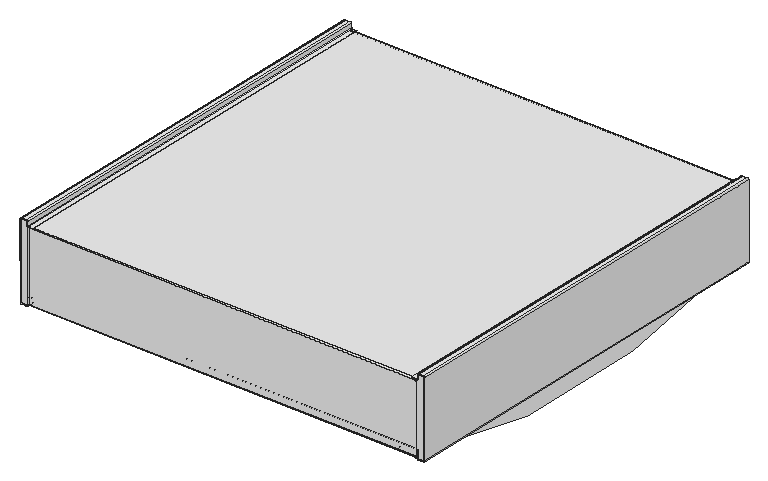
Revit family "MD1-OCRX2X2", category Lighting Fixtures, host Ceiling, Revit 2019
Family settings
  Host = Ceiling
  Round Connector Dimension = Use Diameter
  Part Type = Normal
  OmniClass Number = 23.80.70.11.14.17
  OmniClass Title = Direct/Indirect
  Always vertical = Yes
  Cut with Voids When Loaded = No
  Light Source = Yes
  Shared = No
  Room Calculation Point = No
Parameters (values of type "MD1-OCRX 2X2-LED840K040LUNV")
  Width = 1' - 11 191/256"
  Wattage = 28.9 W
  built-in parameter 1150110 = 1 (stored number, unit not read)
  Voltage = 120 V
  URL = "https://www.viscor.com/en/products/md1-ocrx"
  built-in parameter 1114217 = 0.9 (stored number, unit not read)
  Tilt Angle = 90.00°
  built-in parameter 1150109 = 1 (stored number, unit not read)
  built-in parameter 1150134 = 12
  built-in parameter 1150113 = 1 (stored number, unit not read)
  Photometric Web File = "MD1-OCRX 2X2-LED840K040LUNV.ies"
  Model = "MD1-OCRX"  # constant formula
  Manufacturer = "CERTOLUX by VISCOR"  # constant formula
  Lumens = 3988.2 lm
  built-in parameter 1150115 = 1 (stored number, unit not read)
  built-in parameter 1150105 = 317.37 (stored number, unit not read)
  built-in parameter 1150137 = (empty or 0)
  built-in parameter 1150139 = (empty or 0)
  Lens Finish = Acrylic - Viscor - Opal White Square
  Lens Depth = 0' - 1 15/32"
  Length = 1' - 11 177/256"
  Lamp Wattage = 28.9 VA
  built-in parameter 1150112 = 1 (stored number, unit not read)
  built-in parameter 1150114 = 1 (stored number, unit not read)
  Lamp = "LED"  # constant formula
  built-in parameter 1150132 = (empty or 0)
  built-in parameter 1150102 = (empty or 0)
  built-in parameter 1150138 = (empty or 0)
  built-in parameter 1150107 = 4000 (stored number, unit not read)
  built-in parameter 1150106 = 3.1737 (stored number, unit not read)
  Housing Finish = Metal - Viscor - White
  Emit from Rectangle Width = Width  # 1' - 11 191/256"
  Emit from Rectangle Length = Length  # 1' - 11 177/256"
  Emit from Rectangle Height = Lens Depth  # 0' - 1 15/32"
  Emit Shape Visible in Rendering = no
  built-in parameter 1150104 = 12.821 (stored number, unit not read)
  Dimming Lamp Color Temperature Shift = <None>
  Description = "Patient Room Recessed Ambient Luminaire"  # constant formula
  Color Filter = 16777215
  built-in parameter 1114218 = 1 (stored number, unit not read)
  built-in parameter 1150133 = 10 (stored number, unit not read)
  Assembly Code = "D5020200"
  Apparent Load = Lamp Wattage  # 28.9 VA
Types (6): name | Wattage | Photometric Web File | Lumens | built-in parameter 1150105 | Lamp Wattage | built-in parameter 1150106 | built-in parameter 1150104 | Apparent Load
  (no name) | 28.9 W | "MD1-OCRX 2X2-LED840K040LUNV.ies" | 3988.2 lm | 317.37 (stored number, unit not read) | 28.9 VA | 3.1737 (stored number, unit not read) | 12.821 (stored number, unit not read) | 28.9 VA
  MD1-OCRX 2X2-LED840K030LUNV | 22.2 W | "MD1-OCRX 2X2-LED840K030LUNV.ies" | 3085.8 lm | 245.56 (stored number, unit not read) | 22.2 VA | 2.4556 (stored number, unit not read) | 12.914 (stored number, unit not read) | 22.2 VA
  MD1-OCRX 2X2-LED840K040LUNV | 28.9 W | "MD1-OCRX 2X2-LED840K040LUNV.ies" | 3988.2 lm | 317.37 (stored number, unit not read) | 28.9 VA | 3.1737 (stored number, unit not read) | 12.821 (stored number, unit not read) | 28.9 VA
  MD1-OCRX 2X2-LED840K050LUNV | 37.2 W | "MD1-OCRX 2X2-LED840K050LUNV.ies" | 5096.4 lm | 405.56 (stored number, unit not read) | 37.2 VA | 4.0556 (stored number, unit not read) | 12.728 (stored number, unit not read) | 37.2 VA
  MD1-OCRX 2X2-LED840K060LUNV | 44.8 W | "MD1-OCRX 2X2-LED840K060LUNV.ies" | 6092.8 lm | 484.85 (stored number, unit not read) | 44.8 VA | 4.8485 (stored number, unit not read) | 12.635 (stored number, unit not read) | 44.8 VA
  MD1-OCRX 2X2-LED840K075LUNV | 55.3 W | "MD1-OCRX 2X2-LED840K075LUNV.ies" | 7576.1 lm | 602.89 (stored number, unit not read) | 55.3 VA | 6.0289 (stored number, unit not read) | 12.728 (stored number, unit not read) | 55.3 VA
Reference planes (in)
  plane 1 "Light Source Axis (F/B)": y = 0
  plane 2 "Ceiling": z = 96
  plane 3 "Light Source Axis (L/R)": x = 0
  plane 4 "Light Source Elevation": z = 94.53125
  plane 5: y = 11.87305
  plane 6: y = -11.87305
  plane 7: x = -11.8457
  plane 8: x = 11.8457
  plane 9: x = 11.7832
  plane 10 "Lens Depth": z = 94.53125
  plane 11: x = -11.8125
  plane 12: x = -11.422
  plane 13: x = 11.422
Forms (in)
  Extrusion 1, solid, material "Acrylic - Viscor - Opal White Square" <- "Lens Finish"
    sketch origin (0, 0, 0) x (0, 1, 0) y (0, 0, 1)
      loop
        arc (11.39507, 96.29179) -> (11.4274, 96.28728) -> (11.44497, 96.25977) r 0.039
        line (11.44497, 96.25977) -> (11.46162, 96.13869)
        arc (11.46162, 96.13869) -> (11.47462, 96.1146) -> (11.50025, 96.105) r 0.039
        line (11.50025, 96.105) -> (11.63139, 96.105)
        arc (11.63139, 96.105) -> (11.65738, 96.11492) -> (11.67015, 96.13964) r 0.039
        line (11.67015, 96.13964) -> (11.6961, 96.37036)
        arc (11.6961, 96.37036) -> (11.71514, 96.39965) -> (11.75, 96.40194) r 0.039
        line (11.75, 96.40194) -> (11.75, 96.45224) -> (-11.75, 96.45224) -> (-11.75, 96.40194)
        arc (-11.75, 96.40194) -> (-11.71514, 96.39965) -> (-11.6961, 96.37036) r 0.039
        line (-11.6961, 96.37036) -> (-11.67015, 96.13964)
        arc (-11.67015, 96.13964) -> (-11.65738, 96.11492) -> (-11.63139, 96.105) r 0.039
        line (-11.63139, 96.105) -> (-11.50025, 96.105)
        arc (-11.50025, 96.105) -> (-11.47462, 96.1146) -> (-11.46162, 96.13869) r 0.039
        line (-11.46162, 96.13869) -> (-11.44497, 96.25977)
        arc (-11.44497, 96.25977) -> (-11.4274, 96.28728) -> (-11.39507, 96.29179) r 0.039
        arc (-11.39507, 96.29179) -> (0, 94.61) -> (11.39507, 96.29179) r 39.44485
      loop
        arc (11.38378, 96.32919) -> (11.44849, 96.32015) -> (11.48367, 96.26509) r 0.07806
        line (11.48367, 96.26509) -> (11.50031, 96.14406) -> (11.63134, 96.14406) -> (11.66161, 96.41318) -> (-11.66161, 96.41318) -> (-11.63134, 96.14406) -> (-11.50031, 96.14406) -> (-11.48367, 96.26509)
        arc (-11.48367, 96.26509) -> (-11.44849, 96.32015) -> (-11.38378, 96.32919) r 0.07806
        arc (-11.38378, 96.32919) -> (0, 94.64906) -> (11.38378, 96.32919) r 39.40578
    from -11.422 to 11.422
  Extrusion 2, void
    sketch origin (0, 0, 96) x (1, 0, 0) y (0, 1, 0)
      loop
        line (-11.8125, 11.87305) -> (-11.8125, -11.87305) -> (11.8457, -11.87305) -> (11.8457, 11.87305) -> (-11.8125, 11.87305)
    from -1.46875 to 4.69188
  Extrusion 3, solid, material "Acrylic - Viscor - Opal White Square" <- "Lens Finish"
    sketch origin (0, 0, 0) x (0, 1, 0) y (0, 0, 1)
      loop
        arc (11.39507, 96.29179) -> (11.4274, 96.28728) -> (11.44497, 96.25977) r 0.039
        line (11.44497, 96.25977) -> (11.46162, 96.13869)
        arc (11.46162, 96.13869) -> (11.47462, 96.1146) -> (11.50025, 96.105) r 0.039
        line (11.50025, 96.105) -> (11.63139, 96.105)
        arc (11.63139, 96.105) -> (11.65738, 96.11492) -> (11.67015, 96.13964) r 0.039
        line (11.67015, 96.13964) -> (11.6961, 96.37036)
        arc (11.6961, 96.37036) -> (11.71514, 96.39965) -> (11.75, 96.40194) r 0.039
        line (11.75, 96.40194) -> (11.75, 96.45224) -> (-11.75, 96.45224) -> (-11.75, 96.40194)
        arc (-11.75, 96.40194) -> (-11.71514, 96.39965) -> (-11.6961, 96.37036) r 0.039
        line (-11.6961, 96.37036) -> (-11.67015, 96.13964)
        arc (-11.67015, 96.13964) -> (-11.65738, 96.11492) -> (-11.63139, 96.105) r 0.039
        line (-11.63139, 96.105) -> (-11.50025, 96.105)
        arc (-11.50025, 96.105) -> (-11.47462, 96.1146) -> (-11.46162, 96.13869) r 0.039
        line (-11.46162, 96.13869) -> (-11.44497, 96.25977)
        arc (-11.44497, 96.25977) -> (-11.4274, 96.28728) -> (-11.39507, 96.29179) r 0.039
        arc (-11.39507, 96.29179) -> (0, 94.61) -> (11.39507, 96.29179) r 39.44485
    from 11.422 to 11.52608
  Extrusion 4, solid, material "Acrylic - Viscor - Opal White Square" <- "Lens Finish"
    sketch origin (0, 0, 0) x (0, 1, 0) y (0, 0, -1)
      loop
        arc (11.39507, -96.29179) -> (0, -94.61) -> (-11.39507, -96.29179) r 39.44485
        arc (-11.39507, -96.29179) -> (-11.4274, -96.28728) -> (-11.44497, -96.25977) r 0.039
        line (-11.44497, -96.25977) -> (-11.46162, -96.13869)
        arc (-11.46162, -96.13869) -> (-11.47462, -96.1146) -> (-11.50025, -96.105) r 0.039
        line (-11.50025, -96.105) -> (-11.63139, -96.105)
        arc (-11.63139, -96.105) -> (-11.65738, -96.11492) -> (-11.67015, -96.13964) r 0.039
        line (-11.67015, -96.13964) -> (-11.6961, -96.37036)
        arc (-11.6961, -96.37036) -> (-11.71514, -96.39965) -> (-11.75, -96.40194) r 0.039
        line (-11.75, -96.40194) -> (-11.75, -96.45224) -> (11.75, -96.45224) -> (11.75, -96.40194)
        arc (11.75, -96.40194) -> (11.71514, -96.39965) -> (11.6961, -96.37036) r 0.039
        line (11.6961, -96.37036) -> (11.67015, -96.13964)
        arc (11.67015, -96.13964) -> (11.65738, -96.11492) -> (11.63139, -96.105) r 0.039
        line (11.63139, -96.105) -> (11.50025, -96.105)
        arc (11.50025, -96.105) -> (11.47462, -96.1146) -> (11.46162, -96.13869) r 0.039
        line (11.46162, -96.13869) -> (11.44497, -96.25977)
        arc (11.44497, -96.25977) -> (11.4274, -96.28728) -> (11.39507, -96.29179) r 0.039
    from 11.422 to 11.52608
  Extrusion 5, solid, material "Metal - Viscor - White" <- "Housing Finish"
    sketch origin (0, 0, 0) x (0, 1, 0) y (0, 0, 1)
      loop
        arc (11.753, 96.02062) -> (11.79684, 96.03878) -> (11.815, 96.08262) r 0.062
        line (11.815, 96.08262) -> (11.815, 100.09862)
        arc (11.815, 100.09862) -> (11.79684, 100.14247) -> (11.753, 100.16062) r 0.062
        line (11.753, 100.16062) -> (-11.753, 100.16062)
        arc (-11.753, 100.16062) -> (-11.79684, 100.14247) -> (-11.815, 100.09862) r 0.062
        line (-11.815, 100.09862) -> (-11.815, 96.08262)
        arc (-11.815, 96.08262) -> (-11.79684, 96.03878) -> (-11.753, 96.02062) r 0.062
        line (-11.753, 96.02062) -> (-11.457, 96.02062)
        arc (-11.457, 96.02062) -> (-11.41316, 96.03878) -> (-11.395, 96.08262) r 0.062
        line (-11.395, 96.08262) -> (-11.395, 96.29562) -> (-11.42625, 96.29562) -> (-11.42625, 96.08262)
        arc (-11.42625, 96.08262) -> (-11.43526, 96.06088) -> (-11.457, 96.05187) r 0.03075
        line (-11.457, 96.05187) -> (-11.753, 96.05187)
        arc (-11.753, 96.05187) -> (-11.77474, 96.06088) -> (-11.78375, 96.08262) r 0.03075
        line (-11.78375, 96.08262) -> (-11.78375, 100.09862)
        arc (-11.78375, 100.09862) -> (-11.77474, 100.12037) -> (-11.753, 100.12937) r 0.03075
        line (-11.753, 100.12937) -> (11.753, 100.12937)
        arc (11.753, 100.12937) -> (11.77474, 100.12037) -> (11.78375, 100.09862) r 0.03075
        line (11.78375, 100.09862) -> (11.78375, 96.08262)
        arc (11.78375, 96.08262) -> (11.77474, 96.06088) -> (11.753, 96.05187) r 0.03075
        line (11.753, 96.05187) -> (11.457, 96.05187)
        arc (11.457, 96.05187) -> (11.43526, 96.06088) -> (11.42625, 96.08262) r 0.03075
        line (11.42625, 96.08262) -> (11.42625, 96.29562) -> (11.395, 96.29562) -> (11.395, 96.08262)
        arc (11.395, 96.08262) -> (11.41316, 96.03878) -> (11.457, 96.02062) r 0.062
        line (11.457, 96.02062) -> (11.753, 96.02062)
    from -11.422 to 11.422
  Extrusion 6, solid, material "Metal - Viscor - White" <- "Housing Finish"
    sketch origin (0, 0, 0) x (1, 0, 0) y (0, 0, 1)
      loop
        line (-11.425, 96.06963) -> (-11.425, 96.50063) -> (-11.45625, 96.50063) -> (-11.45625, 96.06963)
        arc (-11.45625, 96.06963) -> (-11.46731, 96.04293) -> (-11.494, 96.03188) r 0.03775
        line (-11.494, 96.03188) -> (-11.806, 96.03188)
        arc (-11.806, 96.03188) -> (-11.83269, 96.04293) -> (-11.84375, 96.06963) r 0.03775
        line (-11.84375, 96.06963) -> (-11.84375, 100.43163)
        arc (-11.84375, 100.43163) -> (-11.83269, 100.45832) -> (-11.806, 100.46938) r 0.03775
        line (-11.806, 100.46938) -> (-11.519, 100.46938)
        arc (-11.519, 100.46938) -> (-11.49231, 100.45832) -> (-11.48125, 100.43163) r 0.03775
        line (-11.48125, 100.43163) -> (-11.48125, 100.23963)
        arc (-11.48125, 100.23963) -> (-11.46067, 100.18995) -> (-11.411, 100.16938) r 0.07025
        line (-11.411, 100.16938) -> (-11.125, 100.16938) -> (-11.125, 100.20063) -> (-11.411, 100.20063)
        arc (-11.411, 100.20063) -> (-11.43858, 100.21205) -> (-11.45, 100.23963) r 0.039
        line (-11.45, 100.23963) -> (-11.45, 100.43163)
        arc (-11.45, 100.43163) -> (-11.47021, 100.48042) -> (-11.519, 100.50063) r 0.069
        line (-11.519, 100.50063) -> (-11.806, 100.50063)
        arc (-11.806, 100.50063) -> (-11.85479, 100.48042) -> (-11.875, 100.43163) r 0.069
        line (-11.875, 100.43163) -> (-11.875, 96.06963)
        arc (-11.875, 96.06963) -> (-11.85479, 96.02084) -> (-11.806, 96.00063) r 0.069
        line (-11.806, 96.00063) -> (-11.494, 96.00063)
        arc (-11.494, 96.00063) -> (-11.44521, 96.02084) -> (-11.425, 96.06963) r 0.069
    from -11.87305 to 11.87305
  Extrusion 7, solid, material "Metal - Viscor - White" <- "Housing Finish"
    sketch origin (0, 0, 0) x (-1, 0, 0) y (0, 0, -1)
      loop
        arc (-11.425, -96.06963) -> (-11.44521, -96.02084) -> (-11.494, -96.00063) r 0.069
        line (-11.494, -96.00063) -> (-11.806, -96.00063)
        arc (-11.806, -96.00063) -> (-11.85479, -96.02084) -> (-11.875, -96.06963) r 0.069
        line (-11.875, -96.06963) -> (-11.875, -100.43163)
        arc (-11.875, -100.43163) -> (-11.85479, -100.48042) -> (-11.806, -100.50063) r 0.069
        line (-11.806, -100.50063) -> (-11.519, -100.50063)
        arc (-11.519, -100.50063) -> (-11.47021, -100.48042) -> (-11.45, -100.43163) r 0.069
        line (-11.45, -100.43163) -> (-11.45, -100.23963)
        arc (-11.45, -100.23963) -> (-11.43858, -100.21205) -> (-11.411, -100.20063) r 0.039
        line (-11.411, -100.20063) -> (-11.125, -100.20063) -> (-11.125, -100.16938) -> (-11.411, -100.16938)
        arc (-11.411, -100.16938) -> (-11.46067, -100.18995) -> (-11.48125, -100.23963) r 0.07025
        line (-11.48125, -100.23963) -> (-11.48125, -100.43163)
        arc (-11.48125, -100.43163) -> (-11.49231, -100.45832) -> (-11.519, -100.46938) r 0.03775
        line (-11.519, -100.46938) -> (-11.806, -100.46938)
        arc (-11.806, -100.46938) -> (-11.83269, -100.45832) -> (-11.84375, -100.43163) r 0.03775
        line (-11.84375, -100.43163) -> (-11.84375, -96.06963)
        arc (-11.84375, -96.06963) -> (-11.83269, -96.04293) -> (-11.806, -96.03188) r 0.03775
        line (-11.806, -96.03188) -> (-11.494, -96.03188)
        arc (-11.494, -96.03188) -> (-11.46731, -96.04293) -> (-11.45625, -96.06963) r 0.03775
        line (-11.45625, -96.06963) -> (-11.45625, -96.50063) -> (-11.425, -96.50063) -> (-11.425, -96.06963)
    from -11.87305 to 11.87305
  Extrusion 8, solid, material "Metal - Viscor - White" <- "Housing Finish"
    sketch origin (0, 0, 0) x (1, 0, 0) y (0, 0, 1)
      loop
        arc (-11.84375, 96.06963) -> (-11.83269, 96.04293) -> (-11.806, 96.03188) r 0.03775
        line (-11.806, 96.03188) -> (-11.494, 96.03188)
        arc (-11.494, 96.03188) -> (-11.46731, 96.04293) -> (-11.45625, 96.06963) r 0.03775
        line (-11.45625, 96.06963) -> (-11.45625, 96.50063) -> (-11.422, 96.50063) -> (-11.422, 100.17024)
        arc (-11.422, 100.17024) -> (-11.46442, 100.19401) -> (-11.48125, 100.23963) r 0.07025
        line (-11.48125, 100.23963) -> (-11.48125, 100.43163)
        arc (-11.48125, 100.43163) -> (-11.49231, 100.45832) -> (-11.519, 100.46938) r 0.03775
        line (-11.519, 100.46938) -> (-11.806, 100.46938)
        arc (-11.806, 100.46938) -> (-11.83269, 100.45832) -> (-11.84375, 100.43163) r 0.03775
        line (-11.84375, 100.43163) -> (-11.84375, 96.06963)
    from 11.815 to 11.87305
  Extrusion 9, solid, material "Metal - Viscor - White" <- "Housing Finish"
    sketch origin (0, 0, 0) x (1, 0, 0) y (0, 0, -1)
      loop
        line (-11.84375, -96.06963) -> (-11.84375, -100.43163)
        arc (-11.84375, -100.43163) -> (-11.83269, -100.45832) -> (-11.806, -100.46938) r 0.03775
        line (-11.806, -100.46938) -> (-11.519, -100.46938)
        arc (-11.519, -100.46938) -> (-11.49231, -100.45832) -> (-11.48125, -100.43163) r 0.03775
        line (-11.48125, -100.43163) -> (-11.48125, -100.23963)
        arc (-11.48125, -100.23963) -> (-11.46442, -100.19401) -> (-11.422, -100.17024) r 0.07025
        line (-11.422, -100.17024) -> (-11.422, -96.50063) -> (-11.45625, -96.50063) -> (-11.45625, -96.06963)
        arc (-11.45625, -96.06963) -> (-11.46731, -96.04293) -> (-11.494, -96.03188) r 0.03775
        line (-11.494, -96.03188) -> (-11.806, -96.03188)
        arc (-11.806, -96.03188) -> (-11.83269, -96.04293) -> (-11.84375, -96.06963) r 0.03775
    from 11.815 to 11.87305
  Extrusion 10, solid, material "Metal - Viscor - White" <- "Housing Finish"
    sketch origin (0, 0, 0) x (-1, 0, 0) y (0, 0, -1)
      loop
        line (-11.84375, -96.06963) -> (-11.84375, -100.43163)
        arc (-11.84375, -100.43163) -> (-11.83269, -100.45832) -> (-11.806, -100.46938) r 0.03775
        line (-11.806, -100.46938) -> (-11.519, -100.46938)
        arc (-11.519, -100.46938) -> (-11.49231, -100.45832) -> (-11.48125, -100.43163) r 0.03775
        line (-11.48125, -100.43163) -> (-11.48125, -100.23963)
        arc (-11.48125, -100.23963) -> (-11.46442, -100.19401) -> (-11.422, -100.17024) r 0.07025
        line (-11.422, -100.17024) -> (-11.422, -96.50063) -> (-11.45625, -96.50063) -> (-11.45625, -96.06963)
        arc (-11.45625, -96.06963) -> (-11.46731, -96.04293) -> (-11.494, -96.03188) r 0.03775
        line (-11.494, -96.03188) -> (-11.806, -96.03188)
        arc (-11.806, -96.03188) -> (-11.83269, -96.04293) -> (-11.84375, -96.06963) r 0.03775
    from 11.815 to 11.87305
  Extrusion 11, solid, material "Metal - Viscor - White" <- "Housing Finish"
    sketch origin (0, 0, 0) x (-1, 0, 0) y (0, 0, 1)
      loop
        arc (-11.84375, 96.06963) -> (-11.83269, 96.04293) -> (-11.806, 96.03188) r 0.03775
        line (-11.806, 96.03188) -> (-11.494, 96.03188)
        arc (-11.494, 96.03188) -> (-11.46731, 96.04293) -> (-11.45625, 96.06963) r 0.03775
        line (-11.45625, 96.06963) -> (-11.45625, 96.50063) -> (-11.422, 96.50063) -> (-11.422, 100.17024)
        arc (-11.422, 100.17024) -> (-11.46442, 100.19401) -> (-11.48125, 100.23963) r 0.07025
        line (-11.48125, 100.23963) -> (-11.48125, 100.43163)
        arc (-11.48125, 100.43163) -> (-11.49231, 100.45832) -> (-11.519, 100.46938) r 0.03775
        line (-11.519, 100.46938) -> (-11.806, 100.46938)
        arc (-11.806, 100.46938) -> (-11.83269, 100.45832) -> (-11.84375, 100.43163) r 0.03775
        line (-11.84375, 100.43163) -> (-11.84375, 96.06963)
    from 11.815 to 11.87305
  Extrusion 12, solid, material "Metal - Viscor - White" <- "Housing Finish"
    sketch origin (0, 0, 0) x (0, 1, 0) y (0, 0, 1)
      loop
        line (7.42649, 100.13762) -> (6.92876, 100.13762) -> (6.92876, 100.10637) -> (7.4187, 100.10637) -> (11.74444, 97.80634)
        arc (11.74444, 97.80634) -> (11.75636, 97.79503) -> (11.76075, 97.77919) r 0.03075
        line (11.76075, 97.77919) -> (11.76075, 96.05262) -> (11.792, 96.05262) -> (11.792, 97.77919)
        arc (11.792, 97.77919) -> (11.78314, 97.81112) -> (11.75911, 97.83393) r 0.062
        line (11.75911, 97.83393) -> (7.42649, 100.13762)
    from -11.422 to 11.422
  Extrusion 13, solid, material "Metal - Viscor - White" <- "Housing Finish"
    sketch origin (0, 0, 0) x (0, -1, 0) y (0, 0, -1)
      loop
        line (7.42649, -100.13762) -> (11.75911, -97.83393)
        arc (11.75911, -97.83393) -> (11.78314, -97.81112) -> (11.792, -97.77919) r 0.062
        line (11.792, -97.77919) -> (11.792, -96.05262) -> (11.76075, -96.05262) -> (11.76075, -97.77919)
        arc (11.76075, -97.77919) -> (11.75636, -97.79503) -> (11.74444, -97.80634) r 0.03075
        line (11.74444, -97.80634) -> (7.4187, -100.10637) -> (6.92876, -100.10637) -> (6.92876, -100.13762) -> (7.42649, -100.13762)
    from -11.422 to 11.422
Dimensions and locks (in)
  equal spacing: host sketch curve, plane 3 "Light Source Axis (L/R)", host sketch curve
  equal spacing: host sketch curve, plane 1 "Light Source Axis (F/B)", host sketch curve
  host sketch curve to host sketch curve = 10' - 0"  (x2)
  equal spacing: plane 7, plane 3 "Light Source Axis (L/R)", plane 8
  "Length": plane 7 to plane 8
  equal spacing: plane 5, plane 1 "Light Source Axis (F/B)", plane 6
  "Width": plane 5 to plane 6
  "Emit from Rectangle Height": plane 4 "Light Source Elevation" to plane 2 "Ceiling"
  locked: plane 9 to plane 8 at 0.0625
  "Lens Depth": plane 2 "Ceiling" to plane 10 "Lens Depth"
  locked: plane 12 to plane 3 "Light Source Axis (L/R)" at 11.422
  locked: plane 3 "Light Source Axis (L/R)" to plane 13 at 11.422
  aligned and locked: plane 3 "Light Source Axis (L/R)" to imposter light
  aligned and locked: plane 1 "Light Source Axis (F/B)" to imposter light
  aligned and locked: plane 4 "Light Source Elevation" to imposter light
  aligned and locked: Extrusion 1 to plane 12
  aligned and locked: plane 13 to Extrusion 1
  aligned and locked: Extrusion 5 to plane 12
  aligned and locked: plane 13 to Extrusion 5
  aligned and locked: plane 5 to Extrusion 6
  aligned and locked: Extrusion 6 to plane 6
  aligned and locked: plane 5 to Extrusion 7
  aligned and locked: Extrusion 7 to plane 6
  aligned and locked: Extrusion 8 to plane 6
  aligned and locked: plane 5 to Extrusion 9
  aligned and locked: Extrusion 12 to plane 12
  aligned and locked: plane 13 to Extrusion 12
  aligned and locked: Extrusion 13 to plane 12
  aligned and locked: plane 13 to Extrusion 13
Automatic sketch dimensions
  Extrusion 1 sketch curve to Extrusion 1 sketch curve = 0' - 0"  (x8)
  Extrusion 1 sketch curve to plane 1 "Light Source Axis (F/B)" = 0' - 0"
  plane 6 to Extrusion 1 sketch curve = 0' - 0.46671"
  plane 2 "Ceiling" to Extrusion 1 sketch curve = 0' - 0.25977"  (x2)
  Extrusion 1 sketch curve to Extrusion 1 sketch curve = 0' - 0.03864"  (x4)
  plane 2 "Ceiling" to Extrusion 1 sketch curve = 0' - 0.13869"  (x2)
  Extrusion 1 sketch curve to Extrusion 1 sketch curve = 0' - 0.01665"  (x2)
  Extrusion 1 sketch curve to Extrusion 1 sketch curve = 0' - 0.0387"  (x2)
  Extrusion 1 sketch curve to Extrusion 1 sketch curve = 0' - 0.00005"  (x2)
  Extrusion 1 sketch curve to Extrusion 1 sketch curve = 0' - 0.13103"  (x2)
  Extrusion 1 sketch curve to Extrusion 1 sketch curve = 0' - 0.00006"  (x4)
  plane 6 to Extrusion 1 sketch curve = 0' - 0.21144"
  plane 2 "Ceiling" to Extrusion 1 sketch curve = 0' - 0.13964"  (x2)
  Extrusion 1 sketch curve to Extrusion 1 sketch curve = 0' - 0.03876"  (x4)
  Extrusion 1 sketch curve to Extrusion 1 sketch curve = 0' - 0.03449"  (x2)
  Extrusion 1 sketch curve to Extrusion 1 sketch curve = 0' - 0.01514"  (x2)
  Extrusion 1 sketch curve to plane 5 = 0' - 0.46671"
  Extrusion 1 sketch curve to plane 5 = 0' - 0.21144"
  Extrusion 1 sketch curve to Extrusion 1 sketch curve = 0' - 0.03464"  (x2)
  Extrusion 1 sketch curve to Extrusion 1 sketch curve = 0' - 0.00531"  (x2)
  Extrusion 1 sketch curve to Extrusion 1 sketch curve = 0' - 0.00532"  (x2)
  Extrusion 1 sketch curve to Extrusion 1 sketch curve = 0' - 0.22636"  (x2)
  Extrusion 1 sketch curve to Extrusion 1 sketch curve = 0' - 0.00436"  (x2)
  Extrusion 1 sketch curve to Extrusion 1 sketch curve = 0' - 0.04282"
  Extrusion 1 sketch curve to Extrusion 1 sketch curve = 0' - 0.0503"
  plane 2 "Ceiling" to Extrusion 1 sketch curve = 3' - 2.05485"
  Extrusion 2 sketch curve to plane 6 = 0' - 0"
  Extrusion 2 sketch curve to plane 11 = 0' - 0"
  Extrusion 2 sketch curve to plane 8 = 0' - 0"
  Extrusion 2 sketch curve to plane 5 = 0' - 0"
  Extrusion 3 sketch curve to plane 1 "Light Source Axis (F/B)" = 0' - 0"
  plane 6 to Extrusion 3 sketch curve = 0' - 0.46671"
  Extrusion 3 sketch curve to Extrusion 3 sketch curve = 0' - 0.03864"  (x4)
  plane 2 "Ceiling" to Extrusion 3 sketch curve = 0' - 0.13869"  (x2)
  Extrusion 3 sketch curve to Extrusion 3 sketch curve = 0' - 0.01665"  (x2)
  Extrusion 3 sketch curve to Extrusion 3 sketch curve = 0' - 0.13114"  (x2)
  plane 2 "Ceiling" to Extrusion 3 sketch curve = 0' - 0.13964"  (x2)
  Extrusion 3 sketch curve to Extrusion 3 sketch curve = 0' - 0.03876"  (x4)
  plane 6 to Extrusion 3 sketch curve = 0' - 0.17694"
  Extrusion 3 sketch curve to Extrusion 3 sketch curve = 0' - 0.01514"  (x2)
  Extrusion 3 sketch curve to plane 5 = 0' - 0.46671"
  Extrusion 3 sketch curve to plane 5 = 0' - 0.17694"
  Extrusion 3 sketch curve to Extrusion 3 sketch curve = 0' - 0.03369"  (x2)
  Extrusion 3 sketch curve to Extrusion 3 sketch curve = 0' - 0.11577"  (x2)
  Extrusion 3 sketch curve to Extrusion 3 sketch curve = 0' - 0.00531"  (x2)
  Extrusion 3 sketch curve to Extrusion 3 sketch curve = 0' - 0.22636"  (x2)
  Extrusion 3 sketch curve to Extrusion 3 sketch curve = 0' - 0.00436"  (x2)
  Extrusion 3 sketch curve to Extrusion 3 sketch curve = 0' - 0.0503"
  plane 2 "Ceiling" to Extrusion 3 sketch curve = 3' - 2.05485"
  Extrusion 3 sketch curve to Extrusion 3 sketch curve = 0' - 0"
  Extrusion 4 sketch curve to plane 1 "Light Source Axis (F/B)" = 0' - 0"
  plane 6 to Extrusion 4 sketch curve = 0' - 0.46671"
  Extrusion 4 sketch curve to Extrusion 4 sketch curve = 0' - 0.03864"  (x4)
  plane 2 "Ceiling" to Extrusion 4 sketch curve = 0' - 0.13869"  (x2)
  Extrusion 4 sketch curve to Extrusion 4 sketch curve = 0' - 0.01665"  (x2)
  Extrusion 4 sketch curve to Extrusion 4 sketch curve = 0' - 0.13114"  (x2)
  plane 2 "Ceiling" to Extrusion 4 sketch curve = 0' - 0.13964"  (x2)
  Extrusion 4 sketch curve to Extrusion 4 sketch curve = 0' - 0.03876"  (x4)
  plane 6 to Extrusion 4 sketch curve = 0' - 0.17694"
  Extrusion 4 sketch curve to Extrusion 4 sketch curve = 0' - 0.01514"  (x2)
  Extrusion 4 sketch curve to plane 5 = 0' - 0.46671"
  Extrusion 4 sketch curve to plane 5 = 0' - 0.17694"
  Extrusion 4 sketch curve to Extrusion 4 sketch curve = 0' - 0.00531"  (x3)
  Extrusion 4 sketch curve to Extrusion 4 sketch curve = 0' - 0.00436"  (x3)
  Extrusion 4 sketch curve to Extrusion 4 sketch curve = 0' - 0.11577"  (x2)
  Extrusion 4 sketch curve to Extrusion 4 sketch curve = 0' - 0.22636"  (x2)
  Extrusion 4 sketch curve to Extrusion 4 sketch curve = 0' - 0.0503"
  plane 2 "Ceiling" to Extrusion 4 sketch curve = 3' - 2.05485"
  Extrusion 4 sketch curve to Extrusion 4 sketch curve = 0' - 0"
  Extrusion 5 sketch curve to Extrusion 5 sketch curve = 0' - 0"  (x12)
  plane 6 to Extrusion 5 sketch curve = 0' - 0.05805"
  Extrusion 5 sketch curve to Extrusion 5 sketch curve = 0' - 0 1/32"
  Extrusion 5 sketch curve to Extrusion 5 sketch curve = 0' - 0.03075"  (x5)
  plane 2 "Ceiling" to Extrusion 5 sketch curve = 0' - 0.08262"
  Extrusion 5 sketch curve to Extrusion 5 sketch curve = 0' - 0.296"
  Extrusion 5 sketch curve to plane 5 = 0' - 0.47805"
  Extrusion 5 sketch curve to plane 5 = 0' - 0.12005"  (x2)
  plane 2 "Ceiling" to Extrusion 5 sketch curve = 0' - 0.02062"
  Extrusion 5 sketch curve to Extrusion 5 sketch curve = 0' - 0.213"  (x2)
  Extrusion 5 sketch curve to Extrusion 5 sketch curve = 0' - 3.803"
  Extrusion 6 sketch curve to Extrusion 6 sketch curve = 0' - 0"  (x10)
  Extrusion 6 sketch curve to plane 7 = 0' - 0.0293"
  plane 7 to Extrusion 6 sketch curve = 0' - 0.00195"
  plane 11 to Extrusion 6 sketch curve = 0' - 0.0065"  (x2)
  Extrusion 6 sketch curve to plane 12 = 0' - 0.097"
  Extrusion 6 sketch curve to plane 12 = 0' - 0.072"
  Extrusion 6 sketch curve to Extrusion 6 sketch curve = 0' - 0.03775"
  Extrusion 6 sketch curve to plane 12 = 0' - 0.03425"
  plane 12 to Extrusion 6 sketch curve = 0' - 0.011"
  Extrusion 6 sketch curve to Extrusion 6 sketch curve = 0' - 0.286"
  plane 2 "Ceiling" to Extrusion 6 sketch curve = 0' - 0.00063"
  Extrusion 6 sketch curve to Extrusion 6 sketch curve = 0' - 0.431"
  Extrusion 6 sketch curve to Extrusion 6 sketch curve = 0' - 3.66875"
  Extrusion 6 sketch curve to Extrusion 6 sketch curve = 0' - 0.192"
  Extrusion 7 sketch curve to Extrusion 7 sketch curve = 0' - 0"  (x10)
  Extrusion 7 sketch curve to plane 8 = 0' - 0.0293"
  plane 8 to Extrusion 7 sketch curve = 0' - 0.00195"
  Extrusion 7 sketch curve to plane 9 = 0' - 0.0228"  (x2)
  Extrusion 7 sketch curve to plane 13 = 0' - 0.097"
  Extrusion 7 sketch curve to plane 13 = 0' - 0.072"
  Extrusion 7 sketch curve to Extrusion 7 sketch curve = 0' - 0.03775"
  Extrusion 7 sketch curve to plane 13 = 0' - 0.03425"
  plane 13 to Extrusion 7 sketch curve = 0' - 0.011"
  Extrusion 7 sketch curve to Extrusion 7 sketch curve = 0' - 0.286"
  Extrusion 7 sketch curve to plane 2 "Ceiling" = 0' - 0.00063"
  Extrusion 7 sketch curve to Extrusion 7 sketch curve = 0' - 0.431"
  Extrusion 7 sketch curve to Extrusion 7 sketch curve = 0' - 3.66875"
  Extrusion 7 sketch curve to Extrusion 7 sketch curve = 0' - 0.192"
  Extrusion 8 sketch curve to plane 12 = 0' - 0"
  Extrusion 8 sketch curve to plane 12 = 0' - 0.03425"
  Extrusion 8 sketch curve to plane 12 = 0' - 0.05925"
  plane 2 "Ceiling" to Extrusion 8 sketch curve = 0' - 0.03188"
  Extrusion 8 sketch curve to Extrusion 8 sketch curve = 0' - 0.03775"  (x2)
  plane 11 to Extrusion 8 sketch curve = 0' - 0.0065"  (x2)
  plane 7 to Extrusion 8 sketch curve = 0' - 0.00195"
  plane 12 to Extrusion 8 sketch curve = 0' - 0.011"
  Extrusion 8 sketch curve to Extrusion 8 sketch curve = 0' - 0.431"
  Extrusion 8 sketch curve to Extrusion 8 sketch curve = 0' - 3.66962"
  Extrusion 8 sketch curve to Extrusion 8 sketch curve = 0' - 0.192"
  Extrusion 9 sketch curve to plane 12 = 0' - 0"
  Extrusion 9 sketch curve to plane 12 = 0' - 0.03425"
  Extrusion 9 sketch curve to plane 12 = 0' - 0.05925"
  plane 2 "Ceiling" to Extrusion 9 sketch curve = 0' - 0.03188"
  Extrusion 9 sketch curve to Extrusion 9 sketch curve = 0' - 0.03775"  (x2)
  plane 11 to Extrusion 9 sketch curve = 0' - 0.0065"  (x2)
  plane 7 to Extrusion 9 sketch curve = 0' - 0.00195"
  plane 12 to Extrusion 9 sketch curve = 0' - 0.011"
  Extrusion 9 sketch curve to Extrusion 9 sketch curve = 0' - 0.431"
  Extrusion 9 sketch curve to Extrusion 9 sketch curve = 0' - 3.66962"
  Extrusion 9 sketch curve to Extrusion 9 sketch curve = 0' - 0.192"
  Extrusion 10 sketch curve to plane 13 = 0' - 0"
  Extrusion 10 sketch curve to Extrusion 10 sketch curve = 0' - 0.03425"
  Extrusion 10 sketch curve to plane 13 = 0' - 0.05925"
  Extrusion 10 sketch curve to plane 2 "Ceiling" = 0' - 0.03188"
  Extrusion 10 sketch curve to Extrusion 10 sketch curve = 0' - 0.03775"  (x2)
  Extrusion 10 sketch curve to plane 9 = 0' - 0.0228"  (x2)
  plane 8 to Extrusion 10 sketch curve = 0' - 0.00195"
  plane 13 to Extrusion 10 sketch curve = 0' - 0.011"
  Extrusion 10 sketch curve to Extrusion 10 sketch curve = 0' - 0.431"
  Extrusion 10 sketch curve to Extrusion 10 sketch curve = 0' - 3.66962"
  Extrusion 10 sketch curve to Extrusion 10 sketch curve = 0' - 0.192"
  Extrusion 11 sketch curve to plane 13 = 0' - 0"
  Extrusion 11 sketch curve to Extrusion 11 sketch curve = 0' - 0.03425"
  plane 13 to Extrusion 11 sketch curve = 0' - 0.05925"
  plane 2 "Ceiling" to Extrusion 11 sketch curve = 0' - 0.03188"
  Extrusion 11 sketch curve to Extrusion 11 sketch curve = 0' - 0.03775"  (x2)
  plane 9 to Extrusion 11 sketch curve = 0' - 0.0228"  (x2)
  Extrusion 11 sketch curve to plane 8 = 0' - 0.00195"
  Extrusion 11 sketch curve to plane 13 = 0' - 0.011"
  Extrusion 11 sketch curve to Extrusion 11 sketch curve = 0' - 0.431"
  Extrusion 11 sketch curve to Extrusion 11 sketch curve = 0' - 3.66962"
  Extrusion 11 sketch curve to Extrusion 11 sketch curve = 0' - 0.192"
  Extrusion 12 sketch curve to Extrusion 12 sketch curve = 0' - 0"  (x2)
  Extrusion 12 sketch curve to plane 5 = 0' - 4.94429"
  Extrusion 12 sketch curve to Extrusion 12 sketch curve = 0' - 0.48994"
  Extrusion 12 sketch curve to Extrusion 12 sketch curve = 0' - 0.00779"
  Extrusion 12 sketch curve to plane 5 = 0' - 0.14305"
  Extrusion 12 sketch curve to Extrusion 12 sketch curve = 0' - 0.01444"
  Extrusion 12 sketch curve to Extrusion 12 sketch curve = 0' - 0.01467"
  plane 2 "Ceiling" to Extrusion 12 sketch curve = 0' - 0.05262"
  Extrusion 12 sketch curve to plane 5 = 0' - 0.1123"
  Extrusion 12 sketch curve to Extrusion 12 sketch curve = 0' - 0 1/32"  (x2)
  Extrusion 12 sketch curve to Extrusion 12 sketch curve = 0' - 1 93/128"
  plane 2 "Ceiling" to Extrusion 12 sketch curve = 0' - 4.10637"
  Extrusion 13 sketch curve to Extrusion 13 sketch curve = 0' - 0"  (x2)
  Extrusion 13 sketch curve to plane 6 = 0' - 4.94429"
  Extrusion 13 sketch curve to Extrusion 13 sketch curve = 0' - 0.48994"
  Extrusion 13 sketch curve to Extrusion 13 sketch curve = 0' - 0.00779"
  Extrusion 13 sketch curve to plane 6 = 0' - 0.14305"
  Extrusion 13 sketch curve to Extrusion 13 sketch curve = 0' - 0.01444"
  Extrusion 13 sketch curve to Extrusion 13 sketch curve = 0' - 0.01467"
  Extrusion 13 sketch curve to plane 2 "Ceiling" = 0' - 0.05262"
  Extrusion 13 sketch curve to plane 6 = 0' - 0.1123"
  Extrusion 13 sketch curve to Extrusion 13 sketch curve = 0' - 0 1/32"  (x2)
  Extrusion 13 sketch curve to Extrusion 13 sketch curve = 0' - 1 93/128"
  Extrusion 13 sketch curve to plane 2 "Ceiling" = 0' - 4.10637"
Connectors (in)
  electrical at (0, 0, 96), driven by "Voltage", driven by "Apparent Load"
    settings: index 1, voltage 120 V, apparent load 0 VA, apparent load phase1 28.9 VA, apparent load phase2 0 VA, apparent load phase3 0 VA, power factor 1, load classification "Other", number of poles 1, system type 31, power factor state 1, is connector primary yes, connector utility no, sub classification motor no, connector description ""
